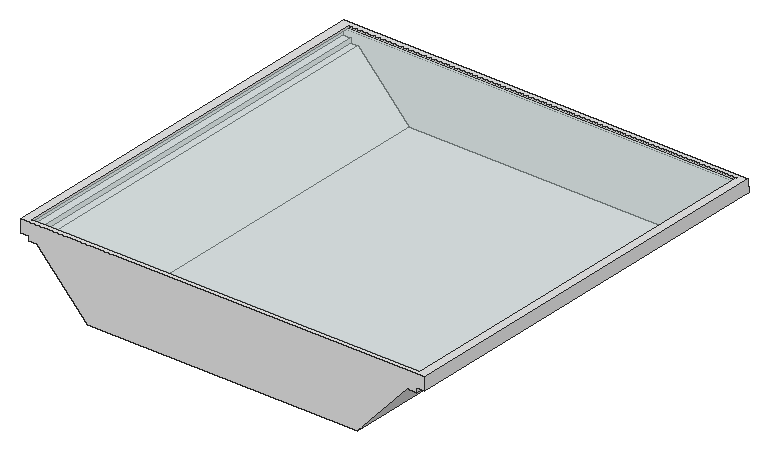
Revit family "WT22", category Lighting Fixtures, host Face, Revit 2012
Parameters (values of type "WT22- 2 Lamp")
  Wattage = 57 W
  built-in parameter 1150110 = 1 (stored number, unit not read)
  built-in parameter 1114217 = 1 (stored number, unit not read)
  Tilt Angle = -90.00°
  built-in parameter 1150109 = 1 (stored number, unit not read)
  built-in parameter 1150134 = 3
  built-in parameter 1150113 = 1 (stored number, unit not read)
  Photometric Web File = "13746.IES"
  built-in parameter 1150105 = 2550.3 (stored number, unit not read)
  Lumens = 8466.89 lm
  built-in parameter 1150115 = 1 (stored number, unit not read)
  built-in parameter 1150137 = (empty or 0)
  built-in parameter 1150139 = (empty or 0)
  Length = 24"
  Wattage Comments = "87 W"  # constant formula
  URL = "http://www.columbialighting.com/"
  Product Page URL = "http://www.columbialighting.com/products/wt"
  Product Documentation Link = "http://www.columbialighting.com/content/products/specs/specs_files/wt22.pdf"
  Model = "WT22"  # constant formula
  Manufacturer Phone = "(864)-678-1000"  # constant formula
  Manufacturer Fax = "(866)-898-1065"  # constant formula
  Manufacturer = "Columbia Lighting"  # constant formula
  Width = 24"
  built-in parameter 1150112 = 1 (stored number, unit not read)
  built-in parameter 1150114 = 1 (stored number, unit not read)
  Lamp = "F32T8"  # constant formula
  Opal lens = Etched Glass
  built-in parameter 1150132 = (empty or 0)
  built-in parameter 1150102 = (empty or 0)
  built-in parameter 1150107 = 3200 (stored number, unit not read)
  built-in parameter 1150138 = (empty or 0)
  built-in parameter 1150106 = 25.503 (stored number, unit not read)
  Finish2 = White
  Emit from Line Length = 20"
  built-in parameter 1150104 = 13.8 (stored number, unit not read)
  Dimming Lamp Color Temperature Shift = <None>
  Description = "Wet Location Lensed Troffer."  # constant formula
  Default Elevation = 48"
  Finish = White
  Color Filter = 16777215
  built-in parameter 1114218 = 1 (stored number, unit not read)
  built-in parameter 1150133 = 10 (stored number, unit not read)
Types (4): name | Wattage | Photometric Web File | built-in parameter 1150105 | Lumens | built-in parameter 1150106 | Emit from Line Length
  (no name) | 57 W | "13746.IES" | 2550.3 (stored number, unit not read) | 8466.89 lm | 25.503 (stored number, unit not read) | 20"
  WT22- 2 Lamp | 57 W | "13746.IES" | 2550.3 (stored number, unit not read) | 8466.89 lm | 25.503 (stored number, unit not read) | 20"
  WT22- 3 Lamp | 87 W | "13747.IES" | 3897.7 (stored number, unit not read) | 12923.2 lm | 38.977 (stored number, unit not read) | 24"
  WT22- 4 Lamp | 87 W | "13747.IES" | 3897.7 (stored number, unit not read) | 12923.2 lm | 38.977 (stored number, unit not read) | 24"
Reference planes (in)
  plane 1 "Center (Front/Back)": y = 1.01342
  plane 2: z = 0
  plane 3 "Center (Left/Right)": x = 0
  plane 4: x = 12
  plane 5: x = -12
  plane 6: y = 13.01342
  plane 7: y = -10.98658
  plane 8: z = -4.25
  plane 9: y = -10.73658
  plane 10: y = 12.76342
  plane 11: z = -0.25
  plane 12: z = -0.125
  plane 13: z = -2.25
Forms (in)
  Extrusion 1, solid, material "White" <- "Finish"
    sketch origin (0, 1.01342, 0) x (1, 0, 0) y (0, 0, 1)
      loop
        line (12, 0) -> (11.5, 0) -> (11.5, -0.125) -> (11.875, -0.125) -> (11.875, -0.625) -> (11.375, -0.625) -> (11.375, -0.875) -> (10.94527, -0.875) -> (7.94527, -4.125) -> (-7.94527, -4.125) -> (-10.94527, -0.875) -> (-11.375, -0.875) -> (-11.375, -0.625) -> (-11.875, -0.625) -> (-11.875, -0.125) -> (-11.5, -0.125) -> (-11.5, 0) -> (-12, 0) -> (-12, -0.75) -> (-11.5, -0.75) -> (-11.5, -1) -> (-11, -1) -> (-8, -4.25) -> (8, -4.25) -> (11, -1) -> (11.5, -1) -> (11.5, -0.75) -> (12, -0.75) -> (12, 0)
    from -12 to 12
  Extrusion 2, solid, material "White" <- "Finish"
    sketch origin (0, 1.01342, 0) x (1, 0, 0) y (0, 0, 1)
      loop
        line (12, 0) -> (-12, 0) -> (-12, -0.75) -> (-11.5, -0.75) -> (-11.5, -1) -> (-11, -1) -> (-8, -4.25) -> (8, -4.25) -> (11, -1) -> (11.5, -1) -> (11.5, -0.75) -> (12, -0.75) -> (12, 0)
    from 11.75 to 12
  Extrusion 3, solid, material "White" <- "Finish"
    sketch origin (0, 1.01342, 0) x (1, 0, 0) y (0, 0, -1)
      loop
        line (-12, 0) -> (12, 0) -> (12, 0.75) -> (11.5, 0.75) -> (11.5, 1) -> (11, 1) -> (8, 4.25) -> (-8, 4.25) -> (-11, 1) -> (-11.5, 1) -> (-11.5, 0.75) -> (-12, 0.75) -> (-12, 0)
    from 11.75 to 12
  Extrusion 4, solid, material "Etched Glass" <- "Opal lens"
    sketch origin (0, 1.01342, 0) x (1, 0, 0) y (0, 0, 1)
      loop
        line (-11.875, -0.125) -> (-11.875, -0.25) -> (11.875, -0.25) -> (11.875, -0.125) -> (-11.875, -0.125)
    from -11.75 to 11.75
  Extrusion 5, void
    sketch origin (0, 0, 0) x (1, 0, 0) y (0, 1, 0)
      loop
        line (-12, 13.01342) -> (-12, -10.98658) -> (12, -10.98658) -> (12, 13.01342) -> (-12, 13.01342)
    from 0 to -4.25
Cuts and joins
  joined: Extrusion 1, Extrusion 2, Extrusion 3
Dimensions and locks (in)
  equal spacing: plane 5, plane 3 "Center (Left/Right)", plane 4
  "Width": plane 5 to plane 4
  equal spacing: plane 6, plane 1 "Center (Front/Back)", plane 7
  "Length": plane 6 to plane 7
  locked: plane 8 to plane 2 at 4.25
  locked: Extrusion 1 sketch curve to Extrusion 1 sketch curve at 0.25  (x2)
  Extrusion 1 sketch curve to Extrusion 1 sketch curve to Extrusion 1 sketch curve = 3/8" locked, 1/8" locked
  Extrusion 1 sketch curve to Extrusion 1 sketch curve = 1/8"  (x4)
  Extrusion 1 sketch curve to Extrusion 1 sketch curve to Extrusion 1 sketch curve = 1/8" locked, 1/8" locked
  locked: Extrusion 1 sketch curve to Extrusion 1 sketch curve at 0.125  (x4)
  Extrusion 1 sketch curve to Extrusion 1 sketch curve to Extrusion 1 sketch curve = 1/8" locked, 1/2" locked
  locked: Extrusion 1 sketch curve to Extrusion 1 sketch curve at 0.375  (x2)
  Extrusion 1 sketch curve to Extrusion 1 sketch curve to Extrusion 1 sketch curve = 1/2" locked, 1/8" locked
  plane 7 to plane 9 to cut or joined group of Extrusion 1, Extrusion 2, Extrusion 3 = 1/4" locked, 23 1/2"
  plane 6 to plane 10 to cut or joined group of Extrusion 1, Extrusion 2, Extrusion 3 = 1/4" locked, 23 1/2"
  locked: Extrusion 1 sketch curve to Extrusion 1 sketch curve at 3.125
  cut or joined group of Extrusion 1, Extrusion 2, Extrusion 3 to plane 11 to plane 12 = 3/8" locked, 1/8" locked
  aligned and locked: plane 2 to host face
  aligned and locked: level to host face
  aligned and locked: Extrusion 1 sketch curve to plane 5
  aligned and locked: Extrusion 1 sketch curve to plane 4
  aligned and locked: plane 6 to Extrusion 1
  aligned and locked: Extrusion 1 to plane 7
  aligned and locked: plane 4 to Extrusion 1
  aligned and locked: Extrusion 1 to plane 5
  aligned and locked: Extrusion 1 sketch curve to level
  aligned and locked: level to Extrusion 1 sketch curve
  aligned and locked: Extrusion 2 to plane 7
  aligned and locked: plane 9 to Extrusion 2
  aligned and locked: plane 7 to Extrusion 2
  aligned and locked: Extrusion 2 to plane 9
  aligned and locked: plane 6 to Extrusion 3
  aligned and locked: plane 10 to cut or joined group of Extrusion 1, Extrusion 2, Extrusion 3
  aligned and locked: plane 12 to cut or joined group of Extrusion 1, Extrusion 2, Extrusion 3  (x2)
  aligned and locked: Extrusion 4 sketch curve to cut or joined group of Extrusion 1, Extrusion 2, Extrusion 3  (x2)
  aligned and locked: cut or joined group of Extrusion 1, Extrusion 2, Extrusion 3 to Extrusion 4 sketch curve
  aligned and locked: plane 11 to Extrusion 4 sketch curve
  aligned and locked: Extrusion 4 to plane 9
  aligned and locked: Extrusion 4 to plane 10
  aligned and locked: cut or joined group of Extrusion 1, Extrusion 2, Extrusion 3 to plane 7
  aligned and locked: Extrusion 5 sketch curve to cut or joined group of Extrusion 1, Extrusion 2, Extrusion 3  (x4)
  aligned and locked: Extrusion 5 to plane 8
  aligned and locked: imposter light to plane 13
  aligned and locked: imposter light to plane 1 "Center (Front/Back)"
Automatic sketch dimensions
  host sketch curve to host sketch curve = 96"  (x2)
  Extrusion 3 sketch curve to level = 0"
  Extrusion 3 sketch curve to plane 5 = 0"
  Extrusion 3 sketch curve to plane 8 = 0"
  Extrusion 3 sketch curve to plane 4 = 0"
  plane 5 to Extrusion 3 sketch curve = 1/2"
  Extrusion 3 sketch curve to Extrusion 3 sketch curve = 1/2"  (x2)
  plane 5 to Extrusion 3 sketch curve = 4"
  Extrusion 3 sketch curve to plane 4 = 4"
  Extrusion 3 sketch curve to plane 4 = 1"
  Extrusion 3 sketch curve to level = 3/4"  (x2)
  Extrusion 3 sketch curve to Extrusion 3 sketch curve = 1/4"  (x2)
  Extrusion 2 sketch curve to level = 0"
  Extrusion 2 sketch curve to plane 5 = 0"
  Extrusion 2 sketch curve to plane 8 = 0"
  Extrusion 2 sketch curve to plane 4 = 0"
  plane 5 to Extrusion 2 sketch curve = 1/2"
  Extrusion 2 sketch curve to Extrusion 2 sketch curve = 1/2"
  plane 5 to Extrusion 2 sketch curve = 4"
  Extrusion 2 sketch curve to plane 4 = 4"
  Extrusion 2 sketch curve to plane 4 = 1"
  Extrusion 2 sketch curve to plane 4 = 1/2"
  Extrusion 2 sketch curve to level = 1"  (x2)
  Extrusion 2 sketch curve to Extrusion 2 sketch curve = 1/4"  (x2)
  Extrusion 1 sketch curve to plane 5 = 0"
  plane 5 to Extrusion 1 sketch curve = 1/8"
  Extrusion 1 sketch curve to Extrusion 1 sketch curve = 3/8"  (x2)
  Extrusion 1 sketch curve to level = 7/8"
  Extrusion 1 sketch curve to Extrusion 1 sketch curve = 0.05473"  (x2)
  Extrusion 1 sketch curve to plane 8 = 0"
  Extrusion 1 sketch curve to plane 4 = 4.05473"
Connectors (in)
  electrical at (0, 1.01342, -4.25), driven by "Description"
    settings: on cut or joined group of Extrusion 1, Extrusion 2, Extrusion 3, index 1, voltage 0 V, apparent load 0 VA, apparent load phase1 0 VA, apparent load phase2 0 VA, apparent load phase3 0 VA, power factor 1, load classification "Other", number of poles 1, system type 30, power factor state 1, is connector primary yes, connector utility no, sub classification motor no, connector description "Wet Location Lensed Troffer."
